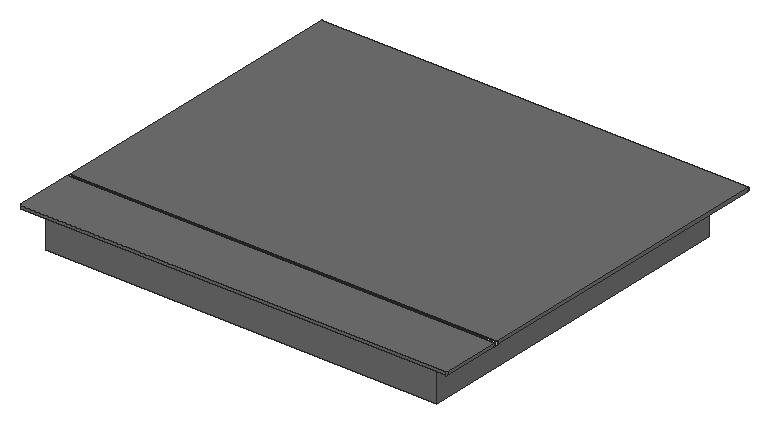
Revit family "Fisher & Paykel 60cm 3 Zone Touch&Slide Induction Cooktop CI603DTB2", category Electrical Equipment, host Face, Revit 2013
Parameters (values of type "Fisher & Paykel 60cm 3 Zone Touch&Slide Induction Cooktop CI603DTB2")
  Width [instance] = 600.000 mm
  URL = "http://www.fisherpaykel.com/in/kitchen/cooking-appliances/cooktops/CI603DTB2/"
  Screen [instance] = Aluminum, Anodized Red
  Model = "CI603DTB2"
  Manufacturer = "Fisher&Paykel"
  Height [instance] = 54.000 mm
  Description = "Fisher & Paykel 60cm 3 Zone Touch&Slide Induction Cooktop CI603DTB2"
  Depth [instance] = 530.000 mm
  Default Elevation = 1219.200 mm
  Cooktop [instance] = Matte Black
  Buttons [instance] = Matte Black(1)
Reference planes
  plane 1 "Center (Front/Back)": y = 0
  plane 2: z = 0
  plane 3 "Center (Left/Right)": x = 0
Dimensions and locks
  aligned and locked: plane 2 to host face
  aligned and locked: level to host face
  aligned and locked: nested 1 to host face
Nested families
  nested 1: "CI603DTB2" at (0, 0, -49), type "CI603DTB2"
Connectors
  electrical at (0, 227.05, -24.5)
    settings: on nested 1, index 1, voltage 0 V, apparent load 0 VA, apparent load phase1 0 VA, apparent load phase2 0 VA, apparent load phase3 0 VA, power factor 1, load classification "Other", number of poles 1, system type 31, power factor state 1, is connector primary yes, connector utility no, sub classification motor no, connector description ""
Definition of nested family "CI603DTB2"
  Parameters (values of type "CI603DTB2")
    Screen = Aluminum, Anodized Red
    Plate [instance] = Polished_Chrome
    Cooktop = Matte Black
    Button = Matte Black(1)
  Reference planes
    plane 1 "Center (Front/Back)": y = 0
    plane 2: z = 0
    plane 3 "Center (Left/Right)": x = 0
    plane 4: x = -300
    plane 5: x = 300
    plane 6: y = -265
    plane 7: y = 265
    plane 8: z = 54
  Forms (mm)
    Extrusion 1, solid, material "Matte Black" <- "Cooktop"
      sketch origin (-27, 26, 0) x (1, 0, 0) y (0, 1, 0)
        loop
          line (-247.5, 201.05) -> (-247.5, -276.55) -> (301.5, -276.55) -> (301.5, 201.05) -> (-247.5, 201.05)
      from 0 to 49
    Extrusion 2, solid, material "Matte Black" <- "Cooktop"
      sketch origin (0, 0, 0) x (1, 0, 0) y (0, 1, 0)
        loop
          arc (-298, 265) -> (-299.414, 264.414) -> (-300, 263) r 2
          line (-300, 263) -> (-300, -175)
          arc (-300, -175) -> (-299.414, -176.414) -> (-298, -177) r 2
          line (-298, -177) -> (298, -177)
          arc (298, -177) -> (299.414, -176.414) -> (300, -175) r 2
          line (300, -175) -> (300, 263)
          arc (300, 263) -> (299.414, 264.414) -> (298, 265) r 2
          line (298, 265) -> (-298, 265)
        loop
          arc (300, -182) -> (299.414, -180.586) -> (298, -180) r 2
          line (298, -180) -> (-298, -180)
          arc (-298, -180) -> (-299.414, -180.586) -> (-300, -182) r 2
          line (-300, -182) -> (-300, -263)
          arc (-300, -263) -> (-299.414, -264.414) -> (-298, -265) r 2
          line (-298, -265) -> (298, -265)
          arc (298, -265) -> (299.414, -264.414) -> (300, -263) r 2
          line (300, -263) -> (300, -182)
      from 50 to 54
    Extrusion 3, solid, material "Matte Black" <- "Cooktop"
      sketch origin (0, 0, 0) x (1, 0, 0) y (0, 0, 1)
        loop
          line (-287, 50) -> (-287, 49) -> (287, 49) -> (287, 50) -> (-287, 50)
      from -236.25 to 259.744
    Extrusion 4, solid, material "Polished_Chrome" <- "Plate"
      sketch origin (288.5, -2, 49) x (0, 0, 1) y (0, -1, 0)
        loop
          line (4.699, 178) -> (1.2, 178) -> (1.2, 175) -> (4.699, 175)
          arc (4.699, 175) -> (5.053, 175.146) -> (5.199, 175.5) r 0.5
          line (5.199, 175.5) -> (5.199, 177.5)
          arc (5.199, 177.5) -> (5.053, 177.854) -> (4.699, 178) r 0.5
      from -588 to 11
  Lines and regions (mm)
    model lines, style "Cooktop"
      curve 1: circle (-157.952, 131.517, 54) r 76.1 normal (0, 0, 1)
      curve 2: circle (-158.108, 131.517, 54) r 74.453 normal (0, 0, 1)
      curve 3: line (-158.787, 128.444, 54) -> (-158.787, 57.068, 54)
      curve 4: line (-157.287, 57.069, 54) -> (-157.287, 128.444, 54)
      curve 5: arc (-158.787, 128.444, 54) -> (-158.037, 134.632, 54) -> (-157.287, 128.444, 54) r 3.139
      curve 6: circle (-158.037, 131.493, 54) r 1.832 normal (0, 0, 1)
      curve 7: circle (-157.952, -66.034, 54) r 76.1 normal (0, 0, 1)
      curve 8: circle (-158.108, -66.034, 54) r 74.453 normal (0, 0, 1)
      curve 9: line (-158.787, -69.107, 54) -> (-158.787, -140.483, 54)
      curve 10: line (-157.287, -140.482, 54) -> (-157.287, -69.107, 54)
      curve 11: arc (-158.787, -69.107, 54) -> (-158.037, -62.919, 54) -> (-157.287, -69.107, 54) r 3.139
      curve 12: circle (-158.037, -66.058, 54) r 1.832 normal (0, 0, 1)
      curve 13: line (91.34, -97.08, 54) -> (91.34, -59.075, 54)
      curve 14: line (92.84, -60.571, 54) -> (92.84, -97.08, 54)
      curve 15: line (91.34, -59.075, 54) -> (91.34, 30.894, 54)
      curve 16: line (92.84, 30.894, 54) -> (92.84, -60.571, 54)
      curve 17: arc (91.34, -59.075, 54) -> (92.09, 126.95, 54) -> (92.84, -59.075, 54) r 93.014
      curve 18: arc (91.34, -60.571, 54) -> (92.09, 128.417, 54) -> (92.84, -60.571, 54) r 94.496
      curve 19: arc (91.34, -97.08, 54) -> (92.09, 166.416, 54) -> (92.84, -97.08, 54) r 131.749
      curve 20: circle (92.09, 33.923, 54) r 132.492 normal (0, 0, -1)
      curve 21: arc (91.34, 30.894, 54) -> (92.09, 37.062, 54) -> (92.84, 30.894, 54) r 3.13
      curve 22: circle (92.09, 33.933, 54) r 1.783 normal (0, 0, 1)
      curve 23: line (258.955, 227, 54) -> (258.049, 227, 54)
      curve 24: line (258.049, 227, 54) -> (258.049, 219, 54)
      curve 25: line (258.049, 219, 54) -> (264.94, 219, 54)
      curve 26: line (264.94, 219, 54) -> (264.94, 227, 54)
      curve 27: line (264.94, 227, 54) -> (260.245, 227, 54)
      curve 28: line (260.245, 227, 54) -> (260.245, 221.167, 54)
      curve 29: line (260.245, 221.167, 54) -> (258.955, 221.167, 54)
      curve 30: line (258.955, 221.167, 54) -> (258.955, 227, 54)
      curve 31: line (260.559, 223.045, 54) -> (263.648, 225.458, 54)
      curve 32: line (263.648, 225.458, 54) -> (264.196, 224.756, 54)
      curve 33: line (264.196, 224.756, 54) -> (262.116, 223.01, 54)
      curve 34: line (262.116, 223.01, 54) -> (264.612, 220.036, 54)
      curve 35: line (264.612, 220.036, 54) -> (263.689, 219.315, 54)
      curve 36: line (263.689, 219.315, 54) -> (260.559, 223.045, 54)
  Dimensions and locks
    plane 7 to plane 6 = 530.000 mm
    equal spacing: plane 7, plane 1 "Center (Front/Back)", plane 6
    equal spacing: plane 4, plane 3 "Center (Left/Right)", plane 5
    plane 4 to plane 5 = 600.000 mm  (x2)
    plane 8 to level = 54.000 mm
    aligned and locked: plane 2 to level
  Automatic sketch dimensions
    Extrusion 1 sketch curve to plane 4 = 25.500 mm
    plane 6 to Extrusion 1 sketch curve = 14.450 mm
    plane 5 to Extrusion 1 sketch curve = 25.500 mm
    Extrusion 1 sketch curve to plane 7 = 37.950 mm
    Extrusion 2 sketch curve to plane 4 = 0.000 mm  (x2)
    Extrusion 2 sketch curve to plane 7 = 0.000 mm
    Extrusion 2 sketch curve to plane 6 = 0.000 mm
    Extrusion 2 sketch curve to plane 5 = 0.000 mm  (x2)
    plane 6 to Extrusion 2 sketch curve = 2.000 mm
    Extrusion 2 sketch curve to plane 4 = 2.000 mm  (x4)
    plane 5 to Extrusion 2 sketch curve = 2.000 mm  (x3)
    Extrusion 2 sketch curve to Extrusion 2 sketch curve = 0.000 mm
    Extrusion 2 sketch curve to Extrusion 2 sketch curve = 2.000 mm
    Extrusion 2 sketch curve to Extrusion 2 sketch curve = 81.000 mm  (x2)
    Extrusion 2 sketch curve to Extrusion 2 sketch curve = 3.000 mm
    curve 5 to curve 6 = 0.000 mm  (x2)
    curve 11 to curve 12 = 0.000 mm  (x2)
    curve 21 to curve 22 = 0.000 mm  (x2)
    curve 3 to plane 4 = 141.213 mm
    plane 1 "Center (Front/Back)" to curve 14 = 97.080 mm
    curve 9 to curve 3 = 0.000 mm
    curve 5 to curve 4 = 1.500 mm
    curve 9 to curve 10 = 1.500 mm
    plane 3 "Center (Left/Right)" to curve 13 = 91.340 mm
    curve 18 to curve 16 = 1.500 mm
    plane 5 to curve 25 = 41.951 mm
    curve 24 to curve 29 = 0.905 mm
    curve 29 to curve 28 = 1.291 mm
    curve 28 to curve 31 = 0.314 mm
    curve 31 to curve 34 = 1.556 mm
    curve 33 to curve 31 = 1.532 mm
    curve 28 to curve 36 = 3.444 mm
    curve 31 to curve 32 = 0.548 mm
    curve 35 to curve 35 = 0.922 mm
    curve 31 to curve 26 = 1.293 mm
    curve 5 to curve 2 = 0.679 mm
    curve 9 to curve 8 = 0.679 mm
    curve 2 to curve 6 = 0.071 mm
    curve 8 to curve 12 = 0.071 mm
    curve 5 to curve 1 = 0.085 mm
    curve 11 to curve 7 = 0.085 mm
    curve 21 to curve 18 = 0.750 mm
    curve 21 to curve 18 = 0.000 mm
    curve 19 to curve 21 = 0.000 mm
    curve 20 to curve 18 = 0.000 mm
    curve 17 to curve 21 = 0.000 mm
    plane 1 "Center (Front/Back)" to curve 10 = 69.107 mm
    curve 14 to curve 16 = 36.508 mm
    curve 18 to curve 13 = 1.497 mm
    curve 15 to plane 1 "Center (Front/Back)" = 30.894 mm
    curve 4 to plane 1 "Center (Front/Back)" = 128.444 mm
    curve 26 to plane 7 = 46.000 mm
    curve 25 to curve 35 = 0.315 mm
    curve 25 to curve 35 = 1.036 mm
    curve 24 to curve 29 = 2.167 mm
    curve 28 to curve 33 = 1.843 mm
    curve 33 to curve 31 = 0.035 mm
    curve 31 to curve 28 = 1.542 mm
    curve 24 to curve 27 = 0.000 mm
    curve 9 to curve 9 = 71.377 mm
    curve 10 to curve 12 = 3.048 mm
    curve 11 to curve 7 = 0.025 mm
    curve 11 to curve 8 = 0.025 mm
    curve 21 to curve 18 = 3.028 mm
    curve 18 to curve 20 = 0.001 mm
    curve 20 to curve 21 = 0.010 mm
    curve 21 to curve 17 = 0.004 mm
    curve 17 to curve 19 = 0.731 mm
    curve 3 to plane 1 "Center (Front/Back)" = 57.068 mm
    curve 4 to curve 5 = 3.048 mm
    curve 5 to curve 1 = 0.025 mm
    curve 5 to curve 2 = 0.025 mm
    plane 8 to Extrusion 3 sketch curve = 5.000 mm
    Extrusion 3 sketch curve to plane 4 = 13.000 mm
    plane 8 to Extrusion 3 sketch curve = 4.000 mm
    plane 5 to Extrusion 3 sketch curve = 13.000 mm
    plane 8 to Extrusion 4 sketch curve = 3.800 mm
    plane 6 to Extrusion 4 sketch curve = 88.000 mm
    plane 8 to Extrusion 4 sketch curve = 0.301 mm  (x2)
    Extrusion 4 sketch curve to plane 8 = 0.199 mm
    Extrusion 4 sketch curve to Extrusion 4 sketch curve = 2.000 mm
    radius of curve 1 = 76.100 mm
    radius of curve 6 = 1.832 mm
    radius of curve 7 = 76.100 mm
    radius of curve 12 = 1.832 mm
    radius of curve 20 = 132.492 mm
    radius of curve 22 = 1.783 mm
  Nested families
    nested 1: "Fisher&Pakel logo" at (-246.02, -202.664, 54), type "Fisher&Pakel logo"
  Definition of nested family "Fisher&Pakel logo"
    Parameters (values of type "Fisher&Pakel logo")
      Default Elevation = 1219.200 mm
    Reference planes
      plane 1 "Center (Front/Back)": y = 0
      plane 2: z = 0
      plane 3 "Center (Left/Right)": x = 0
    Forms (mm)
      Extrusion 1, solid
        sketch origin (0, 0, 0) x (1, 0, 0) y (0, 1, 0)
          loop
            line (-1219.2, 1219.2) -> (-1219.2, -1219.2) -> (1219.2, -1219.2) -> (1219.2, 1219.2) -> (-1219.2, 1219.2)
        from 0 to -304.8
    Lines and regions (mm)
      model lines, style "Cooktop"
        curve 1: line (-27.081, 3.71, 0) -> (-28.473, -1.511, 0)
        curve 2: line (-22.767, 3.71, 0) -> (-27.081, 3.71, 0)
        curve 3: line (-26.056, 2.88, 0) -> (-22.991, 2.88, 0)
        curve 4: line (-26.431, 1.465, 0) -> (-26.056, 2.88, 0)
        curve 5: line (-23.52, 1.465, 0) -> (-26.431, 1.465, 0)
        curve 6: line (-26.653, 0.634, 0) -> (-23.745, 0.634, 0)
        curve 7: line (-27.22, -1.511, 0) -> (-26.653, 0.634, 0)
        curve 8: line (-28.473, -1.511, 0) -> (-27.22, -1.511, 0)
        curve 9: line (-22.991, 2.88, 0) -> (-22.767, 3.71, 0)
        curve 10: line (-23.745, 0.634, 0) -> (-23.52, 1.465, 0)
        curve 11: line (-21.31, 3.71, 0) -> (-22.409, 3.71, 0)
        curve 12: line (-22.612, 2.96, 0) -> (-21.508, 2.96, 0)
        curve 13: line (-22.832, 2.144, 0) -> (-23.798, -1.511, 0)
        curve 14: line (-21.724, 2.144, 0) -> (-22.832, 2.144, 0)
        curve 15: line (-22.693, -1.511, 0) -> (-21.724, 2.144, 0)
        curve 16: line (-23.798, -1.511, 0) -> (-22.693, -1.511, 0)
        curve 17: line (-16.362, 3.71, 0) -> (-17.75, -1.511, 0)
        curve 18: line (-15.256, 3.71, 0) -> (-16.362, 3.71, 0)
        curve 19: line (-15.832, 1.544, 0) -> (-15.256, 3.71, 0)
        curve 20: line (-16.644, -1.511, 0) -> (-16.044, 0.757, 0)
        curve 21: line (-14.259, 0.284, 0) -> (-14.735, -1.511, 0)
        curve 22: line (-14.735, -1.511, 0) -> (-13.631, -1.511, 0)
        curve 23: line (-13.631, -1.511, 0) -> (-12.822, 1.544, 0)
        curve 24: arc (-15.832, 1.544, 0) -> (-14.327, 2.224, 0) -> (-12.822, 1.544, 0) r 2.006
        curve 25: arc (-16.044, 0.757, 0) -> (-14.915, 1.413, 0) -> (-14.259, 0.284, 0) r 0.923
        curve 26: line (-16.644, -1.511, 0) -> (-17.75, -1.511, 0)
        curve 27: line (-18.475, 1.234, 0) -> (-17.569, 1.234, 0)
        curve 28: line (-22.02, -0.362, 0) -> (-21.221, -0.445, 0)
        curve 29: line (-17.569, 1.234, 0) -> (-21.633, 1.004, 0)
        curve 30: line (-21.633, 1.004, 0) -> (-20.341, -0.974, 0)
        curve 31: line (-22.02, -0.362, 0) -> (-18.475, 1.234, 0)
        curve 32: line (-9.5, 0.702, 0) -> (-11.498, 0.702, 0)
        curve 33: line (-11.653, 0.155, 0) -> (-8.56, 0.155, 0)
        curve 34: line (-8.533, -0.354, 0) -> (-9.752, -0.354, 0)
        curve 35: line (-8.56, 0.155, 0) -> (-8.985, -1, 0)
        curve 36: line (-8.985, -1, 0) -> (-8.533, -0.354, 0)
        curve 37: line (-11.498, 0.702, 0) -> (-9.5, 0.702, 0)
        curve 38: line (-11.653, 0.155, 0) -> (-9.752, -0.354, 0)
        curve 39: line (-7.497, 2.416, 0) -> (-8.54, -1.511, 0)
        curve 40: line (-8.54, -1.511, 0) -> (-7.434, -1.511, 0)
        curve 41: line (-7.434, -1.511, 0) -> (-6.847, 0.702, 0)
        curve 42: line (-7.497, 2.416, 0) -> (-6.37, 2.416, 0)
        curve 43: line (-5.478, 0.729, 0) -> (-4.438, 0.729, 0)
        curve 44: line (-6.638, 1.638, 0) -> (-4.438, 0.729, 0)
        curve 45: line (-6.847, 0.702, 0) -> (-5.478, 0.729, 0)
        curve 46: line (-6.638, 1.638, 0) -> (-6.37, 2.416, 0)
        curve 47: line (0.796, -1.553, 0) -> (0.03, -0.932, 0)
        curve 48: line (-0.389, -0.598, 0) -> (-2.294, 0.918, 0)
        curve 49: line (-1.515, 1.066, 0) -> (-0.132, -0.054, 0)
        curve 50: line (0.391, -0.479, 0) -> (1.261, -1.088, 0)
        curve 51: line (-1.515, 1.066, 0) -> (-4.184, 0.062, 0)
        curve 52: line (-4.184, 0.062, 0) -> (0.03, -0.932, 0)
        curve 53: line (-2.294, 0.918, 0) -> (-0.389, -0.598, 0)
        curve 54: line (0.053, 0.603, 0) -> (0.828, 0.41, 0)
        curve 55: line (0.828, 0.41, 0) -> (0.391, -0.479, 0)
        curve 56: line (1.552, -1.511, 0) -> (2.941, 3.71, 0)
        curve 57: line (1.552, -1.511, 0) -> (2.805, -1.511, 0)
        curve 58: line (2.805, -1.511, 0) -> (3.253, 0.17, 0)
        curve 59: line (2.941, 3.71, 0) -> (6.417, 3.71, 0)
        curve 60: line (3.975, 2.88, 0) -> (3.485, 1.039, 0)
        curve 61: line (3.253, 0.17, 0) -> (5.267, 0.17, 0)
        curve 62: line (3.485, 1.039, 0) -> (5.267, 1.039, 0)
        curve 63: line (3.975, 2.88, 0) -> (5.602, 2.88, 0)
        curve 64: line (5.267, 0.17, 0) -> (6.417, 3.71, 0)
        curve 65: line (5.602, 2.88, 0) -> (5.267, 1.039, 0)
        curve 66: line (7.667, 1.172, 0) -> (8.796, 1.208, 0)
        curve 67: line (9.853, -1.511, 0) -> (10.957, -1.511, 0)
        curve 68: line (10.957, -1.511, 0) -> (11.616, 0.965, 0)
        curve 69: line (9.853, -1.511, 0) -> (10.186, -0.725, 0)
        curve 70: line (10.186, -0.725, 0) -> (10.269, 0.34, 0)
        curve 71: line (9.916, 0.078, 0) -> (8.255, -0.829, 0)
        curve 72: line (8.255, -0.829, 0) -> (9.916, 0.078, 0)
        curve 73: line (10.269, 0.34, 0) -> (10.5, 1.208, 0)
        curve 74: arc (8.796, 1.208, 0) -> (9.648, 1.525, 0) -> (10.5, 1.208, 0) r 1.303
        curve 75: line (7.667, 1.172, 0) -> (11.616, 0.965, 0)
        curve 76: line (13.064, 2.144, 0) -> (11.888, 2.144, 0)
        curve 77: line (11.888, 2.144, 0) -> (12.397, -1.368, 0)
        curve 78: line (13.378, -0.954, 0) -> (13.064, 2.144, 0)
        curve 79: line (16.235, 2.144, 0) -> (15.158, 2.144, 0)
        curve 80: line (13.989, -1.763, 0) -> (16.235, 2.144, 0)
        curve 81: line (13.378, -0.954, 0) -> (15.158, 2.144, 0)
        curve 82: line (12.397, -1.368, 0) -> (13.407, -1.368, 0)
        curve 83: line (11.605, -2.48, 0) -> (11.394, -3.273, 0)
        curve 84: line (11.605, -2.48, 0) -> (12.778, -1.997, 0)
        curve 85: line (12.778, -1.997, 0) -> (13.407, -1.368, 0)
        curve 86: line (11.394, -3.273, 0) -> (13.989, -1.763, 0)
        curve 87: line (16.903, 3.71, 0) -> (15.517, -1.511, 0)
        curve 88: line (15.517, -1.511, 0) -> (16.466, -1.511, 0)
        curve 89: line (16.903, 3.71, 0) -> (17.851, 3.71, 0)
        curve 90: line (17.851, 3.71, 0) -> (17.072, 0.773, 0)
        curve 91: line (17.551, 0.773, 0) -> (18.921, 2.144, 0)
        curve 92: line (18.921, 2.144, 0) -> (20.378, 2.144, 0)
        curve 93: line (20.378, 2.144, 0) -> (18.345, 0.434, 0)
        curve 94: line (18.345, 0.434, 0) -> (19.73, -1.511, 0)
        curve 95: line (19.73, -1.511, 0) -> (18.375, -1.511, 0)
        curve 96: line (18.375, -1.511, 0) -> (17.68, 0.071, 0)
        curve 97: line (16.466, -1.511, 0) -> (16.885, 0.071, 0)
        curve 98: line (16.885, 0.071, 0) -> (17.68, 0.071, 0)
        curve 99: line (23.076, 0.702, 0) -> (21.078, 0.702, 0)
        curve 100: line (20.922, 0.155, 0) -> (24.015, 0.155, 0)
        curve 101: line (24.042, -0.354, 0) -> (22.824, -0.354, 0)
        curve 102: line (24.015, 0.155, 0) -> (23.59, -1, 0)
        curve 103: line (23.59, -1, 0) -> (24.042, -0.354, 0)
        curve 104: line (21.078, 0.702, 0) -> (23.076, 0.702, 0)
        curve 105: line (20.922, 0.155, 0) -> (22.824, -0.354, 0)
        curve 106: line (25.419, 3.71, 0) -> (24.03, -1.511, 0)
        curve 107: line (26.527, 3.71, 0) -> (25.419, 3.71, 0)
        curve 108: line (25.137, -1.511, 0) -> (26.527, 3.71, 0)
        curve 109: line (24.03, -1.511, 0) -> (25.137, -1.511, 0)
        curve 110: line (-22.612, 2.96, 0) -> (-22.409, 3.71, 0)
        curve 111: line (-21.508, 2.96, 0) -> (-21.31, 3.71, 0)
        curve 112: arc (-21.221, -0.445, 0) -> (-20.839, -0.806, 0) -> (-20.341, -0.974, 0) r 1.229
        curve 113: arc (-0.132, -0.054, 0) -> (-0.026, 0.27, 0) -> (0.053, 0.603, 0) r 4.205
        curve 114: line (1.261, -1.088, 0) -> (0.796, -1.553, 0)
        curve 115: line (17.551, 0.773, 0) -> (17.072, 0.773, 0)
    Dimensions and locks
      aligned and locked: plane 2 to Extrusion 1
      aligned and locked: level to Extrusion 1
